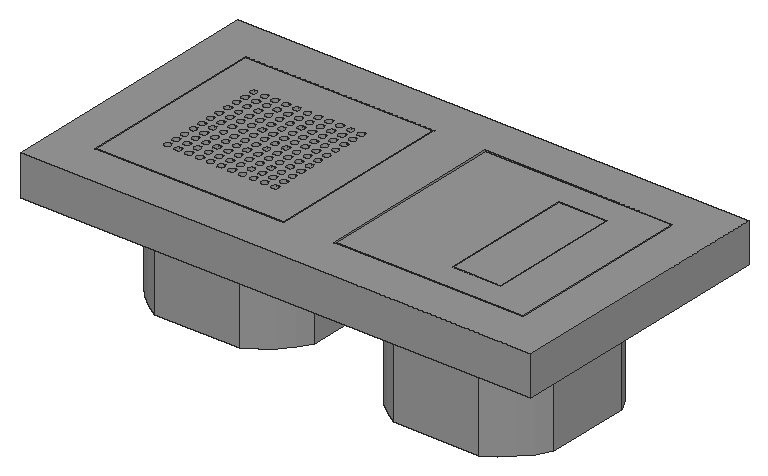
Revit family "Gira_049572", category Electrical Fixtures, host Face, Revit 2017
Family settings
  Host = Face
  Maintain Annotation Orientation = Yes
  Round Connector Dimension = Use Diameter
  Part Type = Normal
  Cut with Voids When Loaded = No
  Shared = No
  Room Calculation Point = No
Parameters (values of type "UP-Radio RDS Lautsprecher + Rahmen E2 Gira E2 Weiß/Reinweiß")
  Zusammenstellung = "Basiselement mit zentraler Abdeckplatte"
  Werkstoffgüte = "sonstige"
  Werkstoff = "sonstige"
  URL = "http://katalog.gira.de/de_DE/datenblatt.html?artikelnr=049572"
  Region = "DE"
  RAL-Nummer (ähnlich) = "9010 "
  Oberfläche = "sonstige"
  Name = "UP-Radio RDS Lautsprecher + Rahmen E2 Gira E2 Weiß/Reinweiß"
  Montageart = "unter Putz"
  Manufacturer URL = "https://www.gira.de/"
  Keynote = "Sys55_Komplettgerät_UP-Radio"
  HeinzeBIM = "https://bimportal.heinze.de/bim/up-radio-rds-lautsprecher-rahmen-e2-gira-e2-weiss-reinweiss/af5590421b6fb635d8ea70e50993abb204e860cc"
  Halogenfrei = "Yes"
  HAN = "049572"
  GTIN = "4010337495727"
  Farbe = "weiß"
  Default Elevation = 1219.2 mm
  Data sheet (1) = "https://katalog.gira.de/de_DE/download.html?artikelnr=049572"
  Category = "Elektronik-Gerät für Installationsschalterprogramme"
  Befestigungsart = "Krallenbefestigung"
  Available = "Yes"
  Ausführung der Oberfläche = "nicht zutreffend"
  Ausführung = "Radio (*en-EN)"
Reference planes
  plane 1 "Center (Front/Back)": y = 0
  plane 2 "Reference Level 0": z = 0
  plane 3 "Center (Left/Right)": x = 0
  plane 4 "Reference Level 1": z = 11.9
Forms (mm)
  Extrusion 1, solid, material "White", detail levels medium+fine
    sketch origin (0, 0, 0) x (1, 0, 0) y (0, 1, 0)
      loop
        line (-75.892, 40.342) -> (-75.892, -40.342) -> (75.892, -40.342) -> (75.892, 40.342) -> (-75.892, 40.342)
      loop
        line (-7.45, 28.1) -> (-63.65, 28.1) -> (-63.65, -28.1) -> (-7.45, -28.1) -> (-7.45, 28.1)
      loop
        line (7.45, 28.1) -> (7.45, -28.1) -> (63.65, -28.1) -> (63.65, 28.1) -> (7.45, 28.1)
    from 0 to 11.9
  Extrusion 2, solid, material "White", detail levels fine
    sketch origin (0, 0, 0) x (1, 0, 0) y (0, 1, 0)
      loop
        circle (-19.55, 16) r 1
      loop
        circle (-22.75, 16) r 1
      loop
        circle (-25.95, 16) r 1
      loop
        circle (-29.15, 16) r 1
      loop
        circle (-32.35, 16) r 1
      loop
        circle (-35.55, 16) r 1
      loop
        circle (-38.75, 16) r 1
      loop
        circle (-41.95, 16) r 1
      loop
        circle (-45.15, 16) r 1
      loop
        circle (-48.35, 16) r 1
      loop
        circle (-51.55, 16) r 1
      loop
        circle (-19.55, 12.8) r 1
      loop
        circle (-22.75, 12.8) r 1
      loop
        circle (-25.95, 12.8) r 1
      loop
        circle (-29.15, 12.8) r 1
      loop
        circle (-32.35, 12.8) r 1
      loop
        circle (-35.55, 12.8) r 1
      loop
        circle (-38.75, 12.8) r 1
      loop
        circle (-41.95, 12.8) r 1
      loop
        circle (-45.15, 12.8) r 1
      loop
        circle (-48.35, 12.8) r 1
      loop
        circle (-51.55, 12.8) r 1
      loop
        circle (-19.55, 9.6) r 1
      loop
        circle (-22.75, 9.6) r 1
      loop
        circle (-25.95, 9.6) r 1
      loop
        circle (-29.15, 9.6) r 1
      loop
        circle (-32.35, 9.6) r 1
      loop
        circle (-35.55, 9.6) r 1
      loop
        circle (-38.75, 9.6) r 1
      loop
        circle (-41.95, 9.6) r 1
      loop
        circle (-45.15, 9.6) r 1
      loop
        circle (-48.35, 9.6) r 1
      loop
        circle (-51.55, 9.6) r 1
      loop
        circle (-19.55, 6.4) r 1
      loop
        circle (-22.75, 6.4) r 1
      loop
        circle (-25.95, 6.4) r 1
      loop
        circle (-29.15, 6.4) r 1
      loop
        circle (-32.35, 6.4) r 1
      loop
        circle (-35.55, 6.4) r 1
      loop
        circle (-38.75, 6.4) r 1
      loop
        circle (-41.95, 6.4) r 1
      loop
        circle (-45.15, 6.4) r 1
      loop
        circle (-48.35, 6.4) r 1
      loop
        circle (-51.55, 6.4) r 1
      loop
        circle (-19.55, 3.2) r 1
      loop
        circle (-22.75, 3.2) r 1
      loop
        circle (-25.95, 3.2) r 1
      loop
        circle (-29.15, 3.2) r 1
      loop
        circle (-32.35, 3.2) r 1
      loop
        circle (-35.55, 3.2) r 1
      loop
        circle (-38.75, 3.2) r 1
      loop
        circle (-41.95, 3.2) r 1
      loop
        circle (-45.15, 3.2) r 1
      loop
        circle (-48.35, 3.2) r 1
      loop
        circle (-51.55, 3.2) r 1
      loop
        circle (-19.55, 0) r 1
      loop
        circle (-22.75, 0) r 1
      loop
        circle (-25.95, 0) r 1
      loop
        circle (-29.15, 0) r 1
      loop
        circle (-32.35, 0) r 1
      loop
        circle (-35.55, 0) r 1
      loop
        circle (-38.75, 0) r 1
      loop
        circle (-41.95, 0) r 1
      loop
        circle (-45.15, 0) r 1
      loop
        circle (-48.35, 0) r 1
      loop
        circle (-51.55, 0) r 1
      loop
        circle (-19.55, -3.2) r 1
      loop
        circle (-22.75, -3.2) r 1
      loop
        circle (-25.95, -3.2) r 1
      loop
        circle (-29.15, -3.2) r 1
      loop
        circle (-32.35, -3.2) r 1
      loop
        circle (-35.55, -3.2) r 1
      loop
        circle (-38.75, -3.2) r 1
      loop
        circle (-41.95, -3.2) r 1
      loop
        circle (-45.15, -3.2) r 1
      loop
        circle (-48.35, -3.2) r 1
      loop
        circle (-51.55, -3.2) r 1
      loop
        circle (-19.55, -6.4) r 1
      loop
        circle (-22.75, -6.4) r 1
      loop
        circle (-25.95, -6.4) r 1
      loop
        circle (-29.15, -6.4) r 1
      loop
        circle (-32.35, -6.4) r 1
      loop
        circle (-35.55, -6.4) r 1
      loop
        circle (-38.75, -6.4) r 1
      loop
        circle (-41.95, -6.4) r 1
      loop
        circle (-45.15, -6.4) r 1
      loop
        circle (-48.35, -6.4) r 1
      loop
        circle (-51.55, -6.4) r 1
      loop
        circle (-19.55, -9.6) r 1
      loop
        circle (-22.75, -9.6) r 1
      loop
        circle (-25.95, -9.6) r 1
      loop
        circle (-29.15, -9.6) r 1
      loop
        circle (-32.35, -9.6) r 1
      loop
        circle (-35.55, -9.6) r 1
      loop
        circle (-38.75, -9.6) r 1
      loop
        circle (-41.95, -9.6) r 1
      loop
        circle (-45.15, -9.6) r 1
      loop
        circle (-48.35, -9.6) r 1
      loop
        circle (-51.55, -9.6) r 1
      loop
        circle (-19.55, -12.8) r 1
      loop
        circle (-22.75, -12.8) r 1
      loop
        circle (-25.95, -12.8) r 1
      loop
        circle (-29.15, -12.8) r 1
      loop
        circle (-32.35, -12.8) r 1
      loop
        circle (-35.55, -12.8) r 1
      loop
        circle (-38.75, -12.8) r 1
      loop
        circle (-41.95, -12.8) r 1
      loop
        circle (-45.15, -12.8) r 1
      loop
        circle (-48.35, -12.8) r 1
      loop
        circle (-51.55, -12.8) r 1
      loop
        circle (-19.55, -16) r 1
      loop
        circle (-22.75, -16) r 1
      loop
        circle (-25.95, -16) r 1
      loop
        circle (-29.15, -16) r 1
      loop
        circle (-32.35, -16) r 1
      loop
        circle (-35.55, -16) r 1
      loop
        circle (-38.75, -16) r 1
      loop
        circle (-41.95, -16) r 1
      loop
        circle (-45.15, -16) r 1
      loop
        circle (-48.35, -16) r 1
      loop
        circle (-51.55, -16) r 1
      loop
        line (-63.25, 27.7) -> (-63.25, -27.7) -> (-7.85, -27.7) -> (-7.85, 27.7) -> (-63.25, 27.7)
    from 0 to 11.9
  Extrusion 3, solid, material "White", detail levels fine
    sketch origin (0, 0, 0) x (1, 0, 0) y (0, 1, 0)
      loop
        line (7.95, 27.7) -> (7.95, -27.7) -> (63.35, -27.7) -> (63.35, 27.7) -> (7.95, 27.7)
      loop
        line (35.999, -19.679) -> (50.301, -19.679) -> (50.229, 19.679) -> (36.071, 19.679) -> (35.999, -19.679)
    from 0 to 11.9
  Extrusion 4, solid, material "White", detail levels fine
    sketch origin (0, 0, 0) x (1, 0, 0) y (0, 1, 0)
      loop
        line (35.999, -19.679) -> (50.301, -19.679) -> (50.229, 19.679) -> (36.071, 19.679) -> (35.999, -19.679)
    from 0 to 11.9
  Extrusion 5, solid, material "White", detail levels medium
    sketch origin (0, 0, 0) x (1, 0, 0) y (0, 1, 0)
      loop
        line (-63.65, 28.1) -> (-63.65, -28.1) -> (-7.45, -28.1) -> (-7.45, 28.1) -> (-63.65, 28.1)
    from 0 to 11.9
  Extrusion 6, solid, material "White", detail levels medium
    sketch origin (0, 0, 0) x (1, 0, 0) y (0, 1, 0)
      loop
        line (7.45, 28.1) -> (7.45, -28.1) -> (63.65, -28.1) -> (63.65, 28.1) -> (7.45, 28.1)
    from 0 to 11.9
  Extrusion 7, solid, material "Grey", detail levels fine
    sketch origin (0, 0, 0) x (1, 0, 0) y (0, 1, 0)
      loop
        arc (10.55, -12.61) -> (15.751, -19.799) -> (22.94, -25) r 28
        line (22.94, -25) -> (48.16, -25)
        arc (48.16, -25) -> (55.349, -19.799) -> (60.55, -12.61) r 28
        line (60.55, -12.61) -> (60.55, 12.61)
        arc (60.55, 12.61) -> (55.349, 19.799) -> (48.16, 25) r 28
        line (48.16, 25) -> (22.94, 25)
        arc (22.94, 25) -> (15.751, 19.799) -> (10.55, 12.61) r 28
        line (10.55, 12.61) -> (10.55, -12.61)
    from 0 to -31.7
  Extrusion 8, solid, material "Grey", detail levels fine
    sketch origin (0, 0, 0) x (-1, 0, 0) y (0, -1, 0)
      loop
        line (10.55, 12.61) -> (10.55, -12.61)
        arc (10.55, -12.61) -> (15.751, -19.799) -> (22.94, -25) r 28
        line (22.94, -25) -> (48.16, -25)
        arc (48.16, -25) -> (55.349, -19.799) -> (60.55, -12.61) r 28
        line (60.55, -12.61) -> (60.55, 12.61)
        arc (60.55, 12.61) -> (55.349, 19.799) -> (48.16, 25) r 28
        line (48.16, 25) -> (22.94, 25)
        arc (22.94, 25) -> (15.751, 19.799) -> (10.55, 12.61) r 28
    from 0 to -28
  Extrusion 9, solid, detail levels medium
    sketch origin (0, 0, 0) x (-1, 0, 0) y (0, -1, 0)
      loop
        line (10.55, 25) -> (10.55, -25) -> (60.55, -25) -> (60.55, 25) -> (10.55, 25)
    from 0 to -28
  Extrusion 10, solid, detail levels medium
    sketch origin (0, 0, 0) x (1, 0, 0) y (0, 1, 0)
      loop
        line (10.55, -25) -> (60.55, -25) -> (60.55, 25) -> (10.55, 25) -> (10.55, -25)
    from 0 to -31.7
  Extrusion 11, solid, material "Grey", detail levels coarse
    sketch origin (0, 0, 0) x (1, 0, 0) y (0, 1, 0)
      loop
        line (-75.892, 40.342) -> (-75.892, -40.342) -> (75.892, -40.342) -> (75.892, 40.342) -> (-75.892, 40.342)
    from -31.7 to 11.9
Cuts and joins
  joined: Extrusion 7, Extrusion 8
  joined: Extrusion 9, Extrusion 10
Dimensions and locks
  aligned and locked: plane 2 "Reference Level 0" to host face
  aligned and locked: level to host face
Nested families
  nested 1: "Radio Beschriftung" at (0, 0, 0) x (0, 1, 0) z (0, 0, 1), type "Radio Beschriftung"
Connectors
  electrical at (-35.55, 0, -28)
    settings: on cut or joined group of Extrusion 7, Extrusion 8, index 1, voltage 220 V, apparent load 0 VA, apparent load phase1 0 VA, apparent load phase2 0 VA, apparent load phase3 0 VA, power factor 1, load classification "Other", number of poles 1, system type 31, power factor state 1, is connector primary yes, connector utility no, sub classification motor no, connector description ""
Definition of nested family "Radio Beschriftung"
  Reference planes
    plane 1: y = 0
    plane 2: x = 0
  Lines and regions (mm)
    detail lines
      curve 1: line (0, 1, 0) -> (3, 1, 0)
      curve 2: line (0, -1, 0) -> (0, 1, 0)
      curve 3: line (3, -1, 0) -> (0, -1, 0)
      curve 4: line (3, 1, 0) -> (3, -1, 0)
      curve 5: line (2, 1, 0) -> (2, -1, 0)
      curve 6: line (3, 1, 0) -> (2, 0.49, 0)
      curve 7: line (3, -1, 0) -> (2, -0.49, 0)
  Dimensions and locks
    curve 2 to curve 4 = 3 mm
    curve 3 to curve 1 = 2 mm
